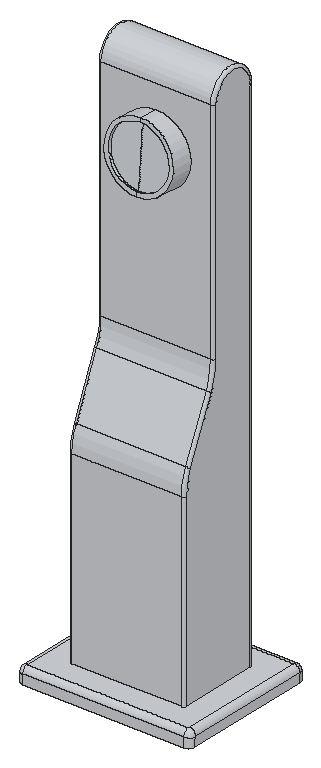
Revit family "Faucet-Wall_Mount-Bath_Spout-KOHLER-SINGULIER-K-8161T", category Plumbing Fixtures, host Face, Revit 2017
Family settings
  Host = Face
  Round Connector Dimension = Use Diameter
  Part Type = Normal
  OmniClass Number = 23.31.11.00
  OmniClass Title = Faucets
  Cut with Voids When Loaded = No
  Shared = No
  Room Calculation Point = No
Parameters (values of type "CP-Polished Chrome")
  Width = 2.24409"  # constant formula
  WaterSense Certified = 1 = 0  # no
  Waste Water Outlet = "Waste Water Outlet"  # constant formula
  Waste Connection = 1 = 0  # no
  Vent Connection = 1 = 0  # no
  URL = "http://www.kohler.com.cn/"
  Type = 1
  Tempered Water Inlet = "Tempered Water Inlet"  # constant formula
  Spout Reach = 6.22835"  # constant formula
  Product Page URL = "https://www.kohler.com.cn/product/K-8161T-CP/K-8161T-CP/"
  Product Name = "SINGULIER"  # constant formula
  Product Documentation Link = "https://files.kohler.com.cn/pdfs/k_8160t_1.pdf"
  Pressure = 7.25 psi  # constant formula
  Model = "K-8161T-CP"  # constant formula
  Material = "Premium Metal Construction"  # constant formula
  Master Format 2014 Name = "Residential Faucets, Supplies, and Trim"  # constant formula
  Master Format 2014 = "22 41 39"  # constant formula
  Manufacturer Address = "Kohler Beijing Office (100016) 36-2-03-B, No. 88, Liuxiang Road, Beijing"  # constant formula
  Manufacturer = "KOHLER Co."  # constant formula
  Length = Spout Reach  # 6.22835"
  Hot Water Inlet = "Hot Water Inlet"  # constant formula
  Height = 1.85039"  # constant formula
  HW Connection = 1 = 1  # yes
  Flow Rate = 0 GPM
  Finish = Kohler-Metal-CP-Polished_Chrome
  Environmental Product Declaration = ""
  Drain Included = 1 = 0  # no
  Description = "Bathtub spout"  # constant formula
  Default Elevation = 36"
  Declare Label = ""
  Date Modified = "08/12/2020"  # constant formula
  Date Created = "08/12/2020"  # constant formula
  Copyright = "Copyright KOHLER Co."  # constant formula
  Contact Us = "http://www.kohler.com.cn/contact/contact-us/"
  Cold Water Inlet = "Cold Water Inlet"  # constant formula
  CW Connection = 1 = 0  # no
  Assembly Code = "D2010"
  ADA Compliant = 1 = 0  # no
Reference planes (in)
  plane 1 "Center (Front/Back)": y = 0
  plane 2: z = 0
  plane 3 "Center (Left/Right)": x = 0
  plane 4: x = -1.12205
  plane 5: x = 1.12205
  plane 6: y = -0.9252
  plane 7: y = 0.9252
  plane 8: z = 7.28346
  plane 9: z = 6.22835
  plane 10: through (0, -0.16506, 6.21965) normal (0, -0.0663, -0.9978)
Dimensions and locks (in)
  equal spacing: plane 4, plane 3 "Center (Left/Right)", plane 5, locked at 1.12205 each
  "Width": plane 4 to plane 5
  "Spout Reach": plane 9 to level
  equal spacing: plane 7, plane 1 "Center (Front/Back)", plane 6
  plane 7 to plane 6 = 1.85039"
  "Height": plane 6 to plane 7
  aligned and locked: plane 2 to host face
  aligned and locked: level to host face
Automatic sketch dimensions
  host sketch curve to host sketch curve = 96"  (x2)
Nested families (in)
  nested 1: "K-8161T" at (0, 0, 0), type "K-8161T"
Connectors (in)
  piping at (0, 0, 0), diameter 0.5, driven by "Pressure", driven by "HW Connection", driven by "Tempered Water Inlet"
    settings: on nested 1, index 1, connector inside diameter 24", connector length 0", flow factor 0, pipe flow 0 GPM, pressure drop 7.25 psi, fitting loss kfactor 0, connector angle 0.00°, fixture units 0, engagement length 0", angle of deflection 0.00°, flow configuration 0, flow direction 1, fitting loss method 4, system type 19, joint type 0, gender type 0, connector reference index -1, connector utility 1, adjustable connector no, is connector primary yes, connector description "Tempered Water Inlet"
Definition of nested family "K-8161T"
  Parameters (values of type "K-8161T_SPOUT")
    Material = none
  Reference planes (in)
    plane 1 "Center (Front/Back)": y = 0
    plane 2: z = 0
    plane 3 "Center (Left/Right)": x = 0
    plane 4: x = -1.12205
    plane 5: x = 1.12205
    plane 6: z = 7.28346
    plane 7: z = 6.22835
    plane 8: y = 0.9252
    plane 9: y = -0.9252
    plane 10: z = 0.11811
    plane 11: z = 0.19685
    plane 12: x = -1.04331
    plane 13: y = -0.84646
    plane 14: through (0, -0.38186, 5.83705) normal (0, 0.9976, -0.0698)
    plane 15: through (0, -0.0958, 6.21435) normal (0, 0.0698, 0.9976)
    plane 16: x = -0.43307
    plane 17: x = 0.43307
    plane 18: y = -0.22999
    plane 19: y = -0.24561
  Forms (in)
    Sweep 1, solid, material <- "Material", detail levels medium+fine
      path origin (0, 0, 0) x (1, 0, 0) y (0, 1, 0)
        loop
          line (1.04258, 0.9252) -> (-1.04245, 0.9252)
          arc (-1.04245, 0.9252) -> (-1.09873, 0.90188) -> (-1.12205, 0.8456) r 0.07959
          line (-1.12205, 0.8456) -> (-1.12205, -0.84641)
          arc (-1.12205, -0.84641) -> (-1.09897, -0.90212) -> (-1.04326, -0.9252) r 0.07879
          line (-1.04326, -0.9252) -> (1.04276, -0.9252)
          arc (1.04276, -0.9252) -> (1.09883, -0.90198) -> (1.12205, -0.84591) r 0.07928
          line (1.12205, -0.84591) -> (1.12205, 0.84573)
          arc (1.12205, 0.84573) -> (1.09877, 0.90192) -> (1.04258, 0.9252) r 0.07946
      profile origin (0.00006, 0.9252, 0) x (0, -1, 0) y (0, 0, 1)
        loop
          line (0, 0) -> (0.07874, 0) -> (0.07874, 0.19685)
          arc (0.07874, 0.19685) -> (0.02306, 0.17379) -> (0, 0.11811) r 0.07874
          line (0, 0.11811) -> (0, 0)
    Extrusion 2, solid, material <- "Material", detail levels medium+fine
      sketch origin (0, 0, 0) x (1, 0, 0) y (0, 1, 0)
        loop
          line (-1.04331, -0.84646) -> (1.04331, -0.84646) -> (1.04331, 0.84646) -> (-1.04331, 0.84646) -> (-1.04331, -0.84646)
      from 0 to 0.19685
    Extrusion 3, solid, material <- "Material", detail levels medium+fine
      sketch origin (0, 0, 0) x (0, 1, 0) y (0, 0, 1)
        loop
          arc (0.46752, 6.9685) -> (0.23622, 7.1998) -> (0.00492, 6.9685) r 0.2313
          line (0.00492, 6.9685) -> (0.00492, 4.02001)
          arc (0.00492, 4.02001) -> (-0.01508, 3.83148) -> (-0.0742, 3.65135) r 0.89837
          line (-0.0742, 3.65135) -> (-0.4066, 2.91268)
          arc (-0.4066, 2.91268) -> (-0.45212, 2.77401) -> (-0.46752, 2.62888) r 0.69158
          line (-0.46752, 2.62888) -> (-0.46752, 0.19685) -> (0.46752, 0.19685) -> (0.46752, 6.9685)
      from -0.74803 to 0.74803
    Sweep 4, solid, material <- "Material", detail levels medium+fine
      path origin (0, 0, 0) x (0, 1, 0) y (0, 0, 1)
        loop
          line (0.55118, 0.19685) -> (0.55118, 6.9685)
          arc (0.55118, 6.9685) -> (0.23622, 7.28346) -> (-0.07874, 6.9685) r 0.31496
          line (-0.07874, 6.9685) -> (-0.07874, 4.02001)
          arc (-0.07874, 4.02001) -> (-0.09688, 3.84904) -> (-0.1505, 3.68568) r 0.8147
          line (-0.1505, 3.68568) -> (-0.4829, 2.94701)
          arc (-0.4829, 2.94701) -> (-0.53392, 2.79157) -> (-0.55118, 2.62888) r 0.77524
          line (-0.55118, 2.62888) -> (-0.55118, 0.19685)
      profile origin (0, 0.55118, 3.58268) x (0, -1, 0) y (1, 0, 0)
        loop
          arc (0, -0.70803) -> (0.01172, -0.73632) -> (0.04, -0.74803) r 0.04
          line (0.04, -0.74803) -> (0.08366, -0.74803) -> (0.08366, 0.74803) -> (0.03825, 0.74803)
          arc (0.03825, 0.74803) -> (0.0112, 0.73683) -> (0, 0.70978) r 0.03825
          line (0, 0.70978) -> (0, -0.70803)
    Revolve 5, solid, material <- "Material", detail levels medium+fine
      sketch origin (0, 0, 0) x (0, 1, 0) y (0, 0, 1)
        loop
          line (-0.38557, 5.78401) -> (-0.07665, 5.76241) -> (-0.04529, 6.21081) -> (-0.32417, 6.23032) -> (-0.35032, 5.83668) -> (-0.38174, 5.83877) -> (-0.38557, 5.78401)
        axis (-0.04522, 6.21196) -> (-0.35577, 6.23258)
      angle from 0 to 360
    Extrusion 6, solid, material <- "Material", detail levels coarse
      sketch origin (0, 0, 0) x (1, 0, 0) y (0, 1, 0)
        loop
          line (-1.12205, 0.9252) -> (-1.12205, -0.9252) -> (1.12205, -0.9252) -> (1.12205, 0.9252) -> (-1.12205, 0.9252)
      from 0 to 0.19685
    Extrusion 7, solid, material <- "Material", detail levels coarse
      sketch origin (0, 0, 0) x (0, 1, 0) y (0, 0, 1)
        loop
          line (0.55118, 0.19685) -> (0.55118, 6.9685)
          arc (0.55118, 6.9685) -> (0.23622, 7.28346) -> (-0.07874, 6.9685) r 0.31496
          line (-0.07874, 6.9685) -> (-0.07874, 4.01415)
          arc (-0.07874, 4.01415) -> (-0.09627, 3.84891) -> (-0.14809, 3.69103) r 0.7874
          line (-0.14809, 3.69103) -> (-0.48183, 2.94939)
          arc (-0.48183, 2.94939) -> (-0.53365, 2.79151) -> (-0.55118, 2.62627) r 0.7874
          line (-0.55118, 2.62627) -> (-0.55118, 0.19685) -> (0.55118, 0.19685)
      from -0.74803 to 0.74803
    Revolve 8, solid, material <- "Material", detail levels coarse
      sketch origin (0, 0, 0) x (0, 1, 0) y (0, 0, 1)
        loop
          line (-0.38537, 5.784) -> (-0.07874, 5.76363) -> (-0.04746, 6.21097) -> (-0.35558, 6.23251) -> (-0.38537, 5.784)
        axis (-0.04738, 6.2122) -> (-0.35557, 6.23267)
      angle from 0 to 360
    Extrusion 9, solid, material <- "Material", detail levels medium+fine
      sketch origin (0, 0, 0) x (1, 0, 0) y (0, 1, 0)
        loop
          circle (0, 0) r 0.19685
      from 0 to 0.10362
  Cuts and joins
    joined: Sweep 1, Extrusion 2
    joined: Extrusion 6, Extrusion 7, Revolve 8
    joined: Extrusion 3, Sweep 4, Revolve 5
  Lines and regions (in)
    Masking region 1
      outline origin (0, 0, 0) x (0, 1, 0) y (0, 0, 1)
        loop
          line (0.9252, 0) -> (0.9252, 0.11692)
          arc (0.9252, 0.11692) -> (0.90179, 0.17344) -> (0.84526, 0.19685) r 0.07993
          line (0.84526, 0.19685) -> (0.55118, 0.19685) -> (0.55118, 6.9685)
          arc (0.55118, 6.9685) -> (0.23622, 7.28346) -> (-0.07874, 6.9685) r 0.31496
          line (-0.07874, 6.9685) -> (-0.07874, 6.66386) -> (-0.32579, 6.68114) -> (-0.38537, 5.784) -> (-0.11099, 5.76578) -> (-0.07874, 5.72995) -> (-0.07874, 4.01415)
          arc (-0.07874, 4.01415) -> (-0.09627, 3.84891) -> (-0.14809, 3.69103) r 0.7874
          line (-0.14809, 3.69103) -> (-0.48183, 2.94939)
          arc (-0.48183, 2.94939) -> (-0.53365, 2.79151) -> (-0.55118, 2.62627) r 0.7874
          line (-0.55118, 2.62627) -> (-0.55118, 0.19685) -> (-0.84629, 0.19685)
          arc (-0.84629, 0.19685) -> (-0.90209, 0.17374) -> (-0.9252, 0.11794) r 0.07891
          line (-0.9252, 0.11794) -> (-0.9252, 0) -> (0.9252, 0)
    Masking region 2
      outline origin (0, 0, 0) x (1, 0, 0) y (0, 1, 0)
        loop
          arc (-1.04245, 0.9252) -> (-1.09873, 0.90188) -> (-1.12205, 0.8456) r 0.07959
          line (-1.12205, 0.8456) -> (-1.12205, -0.84641)
          arc (-1.12205, -0.84641) -> (-1.09897, -0.90212) -> (-1.04326, -0.9252) r 0.07879
          line (-1.04326, -0.9252) -> (1.04276, -0.9252)
          arc (1.04276, -0.9252) -> (1.09883, -0.90198) -> (1.12205, -0.84591) r 0.07928
          line (1.12205, -0.84591) -> (1.12205, 0.84573)
          arc (1.12205, 0.84573) -> (1.09877, 0.90192) -> (1.04258, 0.9252) r 0.07946
          line (1.04258, 0.9252) -> (-1.04245, 0.9252)
    Masking region 3
      outline origin (0, 0, 0) x (1, 0, 0) y (0, 0, 1)
        loop
          line (-0.74803, 7.2441) -> (-0.74803, 0.19685) -> (-1.04248, 0.19685)
          arc (-1.04248, 0.19685) -> (-1.09874, 0.17355) -> (-1.12205, 0.11728) r 0.07957
          line (-1.12205, 0.11728) -> (-1.12205, 0) -> (1.12205, 0) -> (1.12205, 0.11728)
          arc (1.12205, 0.11728) -> (1.09874, 0.17355) -> (1.04248, 0.19685) r 0.07957
          line (1.04248, 0.19685) -> (0.74803, 0.19685) -> (0.74803, 7.2441)
          arc (0.74803, 7.2441) -> (0.7365, 7.27194) -> (0.70866, 7.28347) r 0.03937
          line (0.70866, 7.28347) -> (-0.70866, 7.28347)
          arc (-0.70866, 7.28347) -> (-0.7365, 7.27194) -> (-0.74803, 7.2441) r 0.03937
    symbolic lines, detail levels medium+fine
      curve 1: line (0.70866, 0.55118, 0) -> (-0.70866, 0.55118, 0)
      curve 2: arc (0.70866, 0.55118, 0) -> (0.7365, 0.53965, 0) -> (0.74803, 0.51181, 0) r 0.03937
      curve 3: line (0.74803, -0.51181, 0) -> (0.74803, 0.51181, 0)
      curve 4: line (0.70866, 0.55118, 0) -> (-0.70866, 0.55118, 0)
      curve 5: arc (-0.74803, 0.51181, 0) -> (-0.7365, 0.53965, 0) -> (-0.70866, 0.55118, 0) r 0.03937
      curve 6: line (-0.74803, 0.51181, 0) -> (-0.74803, -0.51181, 0)
      curve 7: arc (-0.74803, -0.51181, 0) -> (-0.7365, -0.53965, 0) -> (-0.70866, -0.55118, 0) r 0.03937
      curve 8: line (-0.70866, -0.55118, 0) -> (0.70866, -0.55118, 0)
      curve 9: line (-0.70866, -0.55118, 0) -> (0.70866, -0.55118, 0)
      curve 10: arc (0.70866, -0.55118, 0) -> (0.7365, -0.53965, 0) -> (0.74803, -0.51181, 0) r 0.03937
      curve 11: line (0.74803, -0.51181, 0) -> (0.74803, 0.51181, 0)
      curve 12: line (0.70866, -0.07874, 0) -> (-0.70866, -0.07874, 0)
      curve 13: spline (0, -0.38557, 0) -> (-0.11635, -0.38455, 0) -> (-0.22478, -0.38157, 0) -> (-0.31789, -0.37684, 0) -> (-0.38933, -0.37067, 0) -> (-0.43424, -0.36348, 0) -> (-0.44956, -0.35577, 0) -> (-0.43424, -0.34806, 0) -> (-0.38933, -0.34087, 0) -> (-0.31789, -0.3347, 0) -> (-0.22478, -0.32997, 0) -> (-0.11635, -0.32699, 0) -> (0, -0.32598, 0)
      curve 14: spline (0, -0.32942, 0) -> (-0.03044, -0.3295, 0) -> (-0.0607, -0.32974, 0) -> (-0.0906, -0.33012, 0) -> (-0.11996, -0.33066, 0) -> (-0.1486, -0.33135, 0) -> (-0.17636, -0.33218, 0) -> (-0.20307, -0.33315, 0) -> (-0.22857, -0.33426, 0) -> (-0.2527, -0.33549, 0) -> (-0.27533, -0.33684, 0) -> (-0.29632, -0.3383, 0) -> (-0.31555, -0.33987, 0)
      curve 15: line (-0.44956, -0.35577, 0) -> (-0.44956, -0.07874, 0)
      curve 16: spline (0, -0.32942, 0) -> (-0.10215, -0.33032, 0) -> (-0.19733, -0.33293, 0) -> (-0.27907, -0.33709, 0) -> (-0.34179, -0.3425, 0) -> (-0.38122, -0.34881, 0) -> (-0.39467, -0.35558, 0) -> (-0.38122, -0.36235, 0) -> (-0.34179, -0.36866, 0) -> (-0.27907, -0.37408, 0) -> (-0.19733, -0.37823, 0) -> (-0.10215, -0.38085, 0) -> (0, -0.38174, 0)
      curve 17: line (0.44956, -0.35577, 0) -> (0.44956, -0.07874, 0)
      curve 18: arc (-0.70866, -0.07874, 0) -> (-0.7365, -0.06721, 0) -> (-0.74803, -0.03937, 0) r 0.03937
      curve 19: arc (0.70866, -0.07874, 0) -> (0.7365, -0.06721, 0) -> (0.74803, -0.03937, 0) r 0.03937
      curve 20: spline (0, -0.38174, 0) -> (0.10215, -0.38085, 0) -> (0.19733, -0.37823, 0) -> (0.27907, -0.37408, 0) -> (0.34179, -0.36866, 0) -> (0.38122, -0.36235, 0) -> (0.39467, -0.35558, 0) -> (0.38122, -0.34881, 0) -> (0.34179, -0.3425, 0) -> (0.27907, -0.33709, 0) -> (0.19733, -0.33293, 0) -> (0.10215, -0.33032, 0) -> (0, -0.32942, 0)
      curve 21: spline (0, -0.32598, 0) -> (0.11635, -0.32699, 0) -> (0.22478, -0.32997, 0) -> (0.31789, -0.3347, 0) -> (0.38933, -0.34087, 0) -> (0.43424, -0.34806, 0) -> (0.44956, -0.35577, 0) -> (0.43424, -0.36348, 0) -> (0.38933, -0.37067, 0) -> (0.31789, -0.37684, 0) -> (0.22478, -0.38157, 0) -> (0.11635, -0.38455, 0) -> (0, -0.38557, 0)
      curve 22: line (0, 0.55118, 0.19685) -> (0, -0.55118, 0.19685)
      curve 23: line (0, -0.07874, 6.66386) -> (0, -0.07874, 5.72995)
      curve 24: line (0.74803, 0, 0.19685) -> (-0.74803, 0, 0.19685)
  Dimensions and locks (in)
    locked: plane 4 to plane 5 at 2.24409
    locked: plane 6 to level at 7.28346
    locked: plane 7 to level at 6.22835
    locked: plane 8 to plane 9 at 1.85039
    aligned and locked: plane 2 to level
